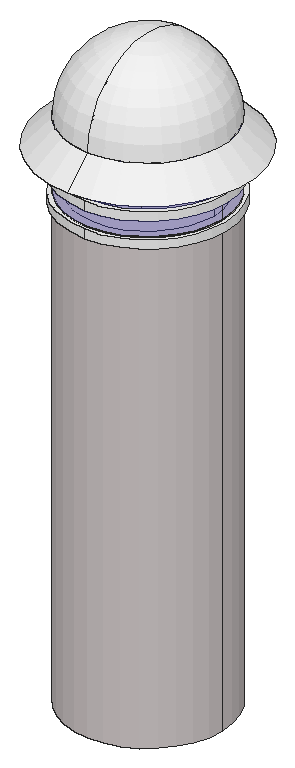
Revit family
Parameters (values of type "228mm Diameter")
  Wattage = 12.1178 W
  built-in parameter 1150110 = 1 (stored number, unit not read)
  built-in parameter 1114217 = 1 (stored number, unit not read)
  built-in parameter 1150109 = 1 (stored number, unit not read)
  built-in parameter 1150134 = 3
  built-in parameter 1150113 = 1 (stored number, unit not read)
  Material Cap = Metal - Steel, Polished
  Material Base = Concrete - Precast Concrete
  built-in parameter 1150105 = 143.24 (stored number, unit not read)
  Lumens = 1800 lm
  built-in parameter 1150115 = 1 (stored number, unit not read)
  Light Source Symbol Size = 609.60 mm
  built-in parameter 1150137 = (empty or 0)
  built-in parameter 1150139 = (empty or 0)
  built-in parameter 1150112 = 1 (stored number, unit not read)
  built-in parameter 1150114 = 1 (stored number, unit not read)
  Keynote = "V"
  built-in parameter 1150132 = 2
  built-in parameter 1150102 = (empty or 0)
  built-in parameter 1150107 = 3200 (stored number, unit not read)
  built-in parameter 1150138 = (empty or 0)
  built-in parameter 1150106 = 1.4324 (stored number, unit not read)
  built-in parameter 1150104 = 13.8 (stored number, unit not read)
  Dimming Lamp Color Temperature Shift = (empty or 0)
  Color Filter = 16777215
  built-in parameter 1114218 = 1 (stored number, unit not read)
  built-in parameter 1150133 = 10 (stored number, unit not read)
Reference planes
  plane 1 "Light Source Axis": y = -114.3
  plane 2: z = 0
  plane 3 "Light Source Axis": x = -114.3
  plane 4 "Light Source Elevation": z = 762
  plane 5: y = 0
  plane 6: x = 0
  plane 7: y = -228.6
  plane 8: x = -228.6
  plane 9: z = 914.4
  plane 10: z = 800.1
  plane 11: z = 698.5
Forms (mm)
  Extrusion 1, solid, material "Concrete - Precast Concrete" <- "Material Base"
    sketch origin (0, 0, 0) x (1, 0, 0) y (0, 1, 0)
      loop
        circle (-114.3, -114.3) r 114.3
    from 0 to 698.5
  Extrusion 2, solid, material "Glass"
    sketch origin (0, 0, 0) x (1, 0, 0) y (0, 1, 0)
      loop
        circle (-114.3, -114.3) r 114.3
      loop
        circle (-114.3, -114.3) r 101.6
    from 698.5 to 800.1
  Revolve 3, solid, material "Metal - Steel, Polished" <- "Material Cap"
    sketch origin (-114.3, 0, 0) x (0, 1, 0) y (0, 0, 1)
      loop
        line (-114.3, 914.4) -> (-114.3, 901.7) -> (0, 787.4) -> (0, 762) -> (38.1, 762) -> (0, 800.1)
        arc (0, 800.1) -> (-33.478, 880.922) -> (-114.3, 914.4) r 114.3
      loop
        line (0, 698.5) -> (0, 685.8) -> (6.35, 685.8) -> (6.35, 698.5) -> (0, 698.5)
      loop
        line (0, 736.6) -> (0, 723.9) -> (6.35, 723.9) -> (6.35, 736.6) -> (0, 736.6)
      axis (-114.3, 914.4) -> (-114.3, 685.8)
    angle from 0 to 360
Lines and regions (mm)
  symbolic lines, style "Exterior"
    curve 1: arc (0, -114.3, 0) -> (-114.3, 0, 0) -> (-228.6, -114.3, 0) r 114.3
    curve 2: arc (-228.6, -114.3, 0) -> (-114.3, -228.6, 0) -> (0, -114.3, 0) r 114.3
    curve 3: arc (38.1, -114.3, 0) -> (-114.3, 38.1, 0) -> (-266.7, -114.3, 0) r 152.4
    curve 4: arc (-266.7, -114.3, 0) -> (-114.3, -266.7, 0) -> (38.1, -114.3, 0) r 152.4
Dimensions and locks
  equal spacing: plane 8, plane 3 "Light Source Axis", plane 6
  plane 8 to plane 6 = 228.60 mm
  plane 7 to plane 5 = 228.60 mm
  equal spacing: plane 7, plane 1 "Light Source Axis", plane 5
  plane 4 "Light Source Elevation" to plane 2 = 762.00 mm
  plane 9 to plane 2 = 914.40 mm
  locked: plane 9 to plane 10 at 114.3
  locked: plane 10 to plane 11 at 101.6
  aligned and locked: Extrusion 1 to plane 11
  aligned and locked: Extrusion 2 to plane 10
  aligned and locked: Extrusion 2 to Extrusion 1
  aligned and locked: plane 3 "Light Source Axis" to imposter light
  aligned and locked: plane 1 "Light Source Axis" to imposter light
  aligned and locked: plane 4 "Light Source Elevation" to imposter light
